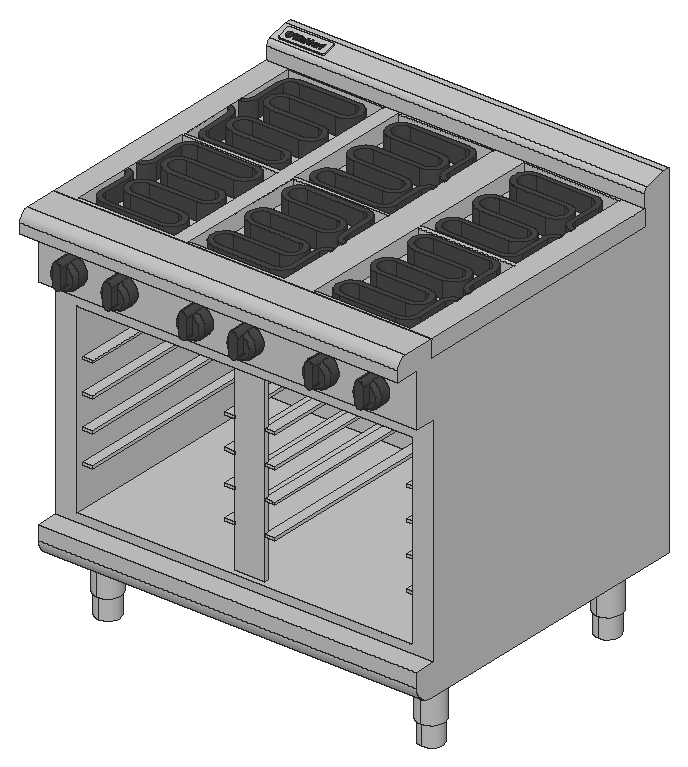
Revit family "QF_MOFFAT WALDORF_RNL8600E-CB", category Specialty Equipment, Revit 2012 (continued)
Automatic sketch dimensions
  Revolve 11 sketch curve to plane 6 "TOP" = 142.617 mm
  Revolve 11 sketch curve to Revolve 11 sketch curve = 5.849 mm
  Extrusion 12 sketch curve to plane 6 "TOP" = 142.373 mm
  plane 4 "RIGHT" to Extrusion 12 sketch curve = 100.0 mm
  Extrusion 12 sketch curve to Extrusion 12 sketch curve = 10.0 mm
  Extrusion 12 sketch curve to plane 6 "TOP" = 181.37 mm
  Revolve 13 sketch curve to plane 5 "FRONT" = 12.0 mm
  Revolve 13 sketch curve to Revolve 13 sketch curve = 0.0 mm  (x2)
  Revolve 13 sketch curve to Revolve 13 sketch curve = 11.0 mm
  Revolve 13 sketch curve to Revolve 13 sketch curve = 12.7 mm
  Revolve 13 sketch curve to Revolve 13 sketch curve = 23.0 mm
  Revolve 13 sketch curve to Revolve 13 sketch curve = 10.0 mm
  Revolve 13 sketch curve to plane 6 "TOP" = 137.0 mm
  Revolve 13 sketch curve to plane 6 "TOP" = 142.849 mm
  Revolve 13 sketch curve to plane 6 "TOP" = 164.5 mm
  Revolve 13 sketch curve to plane 6 "TOP" = 169.5 mm
  Extrusion 14 sketch curve to plane 6 "TOP" = 142.373 mm
  plane 4 "RIGHT" to Extrusion 14 sketch curve = 200.0 mm
  Extrusion 14 sketch curve to Extrusion 14 sketch curve = 10.0 mm
  Extrusion 14 sketch curve to plane 6 "TOP" = 181.373 mm
  Extrusion 1 to Split face 2 sketch curve = 5.177 mm
  Split face 2 sketch curve to Extrusion 1 = 9.153 mm
  Split face 2 sketch curve to Extrusion 1 = 204.563 mm
  Split face 2 sketch curve to Split face 2 sketch curve = 20.0 mm
  Extrusion 1 to Split face 3 sketch curve = 5.177 mm
  Split face 3 sketch curve to Extrusion 1 = 9.153 mm
  Split face 3 sketch curve to Extrusion 1 = 254.563 mm
  Split face 3 sketch curve to Split face 3 sketch curve = 20.0 mm
  Extrusion 1 to Split face 4 sketch curve = 5.177 mm
  Split face 4 sketch curve to Extrusion 1 = 9.153 mm
  Split face 4 sketch curve to Extrusion 1 = 304.563 mm
  Split face 4 sketch curve to Split face 4 sketch curve = 20.0 mm
  Extrusion 1 to Split face 5 sketch curve = 5.177 mm
  Split face 5 sketch curve to Extrusion 1 = 9.153 mm
  Split face 5 sketch curve to Extrusion 1 = 354.563 mm
  Split face 5 sketch curve to Split face 5 sketch curve = 20.0 mm
  Extrusion 1 to Split face 6 sketch curve = 5.177 mm
  Split face 6 sketch curve to Extrusion 1 = 9.153 mm
  Split face 6 sketch curve to Extrusion 1 = 404.563 mm
  Split face 6 sketch curve to Split face 6 sketch curve = 20.0 mm
  Extrusion 1 to Split face 7 sketch curve = 5.177 mm
  Split face 7 sketch curve to Extrusion 1 = 9.153 mm
  Split face 7 sketch curve to Extrusion 1 = 445.437 mm
  Split face 7 sketch curve to Split face 7 sketch curve = 20.0 mm
  Extrusion 1 to Split face 8 sketch curve = 5.177 mm
  Split face 8 sketch curve to Extrusion 1 = 9.153 mm
  Split face 8 sketch curve to Extrusion 1 = 395.437 mm
  Split face 8 sketch curve to Split face 8 sketch curve = 20.0 mm
  Extrusion 1 to Split face 9 sketch curve = 5.177 mm
  Split face 9 sketch curve to Extrusion 1 = 9.153 mm
  Split face 9 sketch curve to Extrusion 1 = 345.437 mm
  Split face 9 sketch curve to Split face 9 sketch curve = 20.0 mm
  Extrusion 1 to Split face 10 sketch curve = 5.177 mm
  Split face 10 sketch curve to Extrusion 1 = 9.153 mm
  Split face 10 sketch curve to Extrusion 1 = 295.437 mm
  Split face 10 sketch curve to Split face 10 sketch curve = 20.0 mm
  Extrusion 1 to Split face 11 sketch curve = 5.177 mm
  Split face 11 sketch curve to Extrusion 1 = 9.153 mm
  Split face 11 sketch curve to Extrusion 1 = 245.437 mm
  Split face 11 sketch curve to Split face 11 sketch curve = 20.0 mm
  Extrusion 1 to Split face 12 sketch curve = 5.177 mm
  Split face 12 sketch curve to Extrusion 1 = 9.153 mm
  Split face 12 sketch curve to Extrusion 1 = 195.437 mm
  Split face 12 sketch curve to Split face 12 sketch curve = 20.0 mm
  Extrusion 15 sketch curve to Extrusion 1 = 0.0 mm  (x2)
  Extrusion 1 to Extrusion 15 sketch curve = 0.0 mm
  Extrusion 15 sketch curve to Extrusion 1 = 6.75 mm  (x3)
  Extrusion 15 sketch curve to Extrusion 15 sketch curve = 306.95 mm
  Extrusion 1 to Extrusion 15 sketch curve = 54.0 mm  (x2)
  Extrusion 15 sketch curve to Extrusion 15 sketch curve = 0.0 mm  (x6)
  Extrusion 15 sketch curve to Extrusion 15 sketch curve = 7.6 mm  (x3)
  Extrusion 1 to Extrusion 15 sketch curve = 6.75 mm  (x3)
  Extrusion 1 to Extrusion 15 sketch curve = 1.0 mm
  Extrusion 15 sketch curve to Extrusion 15 sketch curve = 228.75 mm  (x3)
  Extrusion 15 sketch curve to Extrusion 15 sketch curve = 34.5 mm
  Extrusion 15 sketch curve to Extrusion 15 sketch curve = 71.25 mm  (x2)
  Extrusion 16 sketch curve to Extrusion 16 sketch curve = 0.0 mm  (x104)
  Extrusion 1 to Extrusion 16 sketch curve = 20.503 mm  (x3)
  Extrusion 16 sketch curve to Extrusion 16 sketch curve = 11.997 mm  (x6)
  Extrusion 16 sketch curve to Extrusion 16 sketch curve = 19.532 mm  (x6)
  Extrusion 16 sketch curve to Extrusion 16 sketch curve = 0.24 mm  (x6)
  Extrusion 16 sketch curve to Extrusion 16 sketch curve = 0.931 mm  (x10)
  Extrusion 16 sketch curve to Extrusion 16 sketch curve = 0.01 mm  (x6)
  Extrusion 16 sketch curve to Extrusion 16 sketch curve = 21.7 mm  (x30)
  Extrusion 16 sketch curve to Extrusion 16 sketch curve = 0.002 mm  (x6)
  Extrusion 16 sketch curve to Extrusion 16 sketch curve = 70.811 mm  (x6)
  Extrusion 16 sketch curve to Extrusion 16 sketch curve = 0.447 mm  (x6)
  Extrusion 16 sketch curve to Extrusion 16 sketch curve = 0.12 mm  (x6)
  Extrusion 16 sketch curve to Extrusion 16 sketch curve = 19.01 mm  (x6)
  Extrusion 16 sketch curve to Extrusion 16 sketch curve = 12.303 mm  (x6)
  Extrusion 16 sketch curve to Extrusion 16 sketch curve = 21.593 mm  (x6)
  Extrusion 16 sketch curve to Extrusion 16 sketch curve = 12.315 mm  (x6)
  Extrusion 16 sketch curve to Extrusion 16 sketch curve = 18.52 mm  (x6)
  Extrusion 16 sketch curve to Extrusion 16 sketch curve = 0.133 mm  (x6)
  Extrusion 16 sketch curve to Extrusion 16 sketch curve = 0.5 mm  (x2)
  Extrusion 16 sketch curve to Extrusion 16 sketch curve = 19.152 mm  (x4)
  Extrusion 16 sketch curve to Extrusion 16 sketch curve = 20.704 mm  (x8)
  Extrusion 16 sketch curve to Extrusion 16 sketch curve = 0.239 mm  (x6)
  Extrusion 16 sketch curve to Extrusion 16 sketch curve = 16.003 mm  (x3)
  Extrusion 1 to Extrusion 16 sketch curve = 48.333 mm  (x2)
  Extrusion 1 to Extrusion 16 sketch curve = 48.512 mm  (x2)
  Extrusion 16 sketch curve to Extrusion 16 sketch curve = 0.004 mm  (x2)
  Extrusion 16 sketch curve to Extrusion 16 sketch curve = 5.484 mm  (x2)
  Extrusion 16 sketch curve to Extrusion 16 sketch curve = 5.667 mm  (x2)
  Extrusion 16 sketch curve to Extrusion 16 sketch curve = 20.701 mm  (x4)
  Extrusion 16 sketch curve to Extrusion 16 sketch curve = 0.001 mm  (x6)
  Extrusion 16 sketch curve to Extrusion 16 sketch curve = 41.7 mm  (x2)
  Extrusion 16 sketch curve to Extrusion 16 sketch curve = 20.999 mm
  Extrusion 16 sketch curve to Extrusion 16 sketch curve = 112.6 mm  (x5)
  Extrusion 16 sketch curve to Extrusion 16 sketch curve = 130.8 mm  (x2)
  Extrusion 16 sketch curve to Extrusion 16 sketch curve = 19.862 mm  (x4)
  Extrusion 16 sketch curve to Extrusion 16 sketch curve = 0.032 mm  (x2)
  Extrusion 16 sketch curve to Extrusion 16 sketch curve = 19.894 mm  (x2)
  Extrusion 16 sketch curve to Extrusion 16 sketch curve = 0.226 mm  (x4)
  Extrusion 16 sketch curve to Extrusion 16 sketch curve = 0.258 mm  (x4)
  Extrusion 16 sketch curve to Extrusion 16 sketch curve = 0.879 mm  (x8)
  Extrusion 16 sketch curve to Extrusion 16 sketch curve = 14.293 mm
  Extrusion 16 sketch curve to Extrusion 16 sketch curve = 133.7 mm
  Extrusion 16 sketch curve to Extrusion 16 sketch curve = 133.693 mm  (x2)
  Extrusion 1 sketch curve to plane 5 "FRONT" = 0.0 mm
  Extrusion 1 sketch curve to plane 10 = 0.0 mm
  Extrusion 1 sketch curve to plane 6 "TOP" = 0.0 mm
  Extrusion 1 sketch curve to plane 1 "BACK" = 0.0 mm
  Extrusion 1 sketch curve to plane 5 "FRONT" = 24.0 mm
  Extrusion 1 sketch curve to plane 5 "FRONT" = 56.0 mm  (x2)
  Extrusion 1 sketch curve to Extrusion 1 sketch curve = 44.0 mm
  plane 1 "BACK" to Extrusion 1 sketch curve = 70.0 mm
  Extrusion 1 sketch curve to plane 6 "TOP" = 12.354 mm
  Extrusion 1 sketch curve to Extrusion 1 sketch curve = 8.894 mm
  Extrusion 1 sketch curve to Extrusion 1 sketch curve = 12.0 mm
  Extrusion 1 sketch curve to Extrusion 1 sketch curve = 15.0 mm
  Extrusion 1 sketch curve to plane 10 = 40.0 mm
  Extrusion 1 sketch curve to Extrusion 1 sketch curve = 25.0 mm
  Extrusion 1 sketch curve to Extrusion 1 sketch curve = 126.0 mm
  Extrusion 1 sketch curve to Extrusion 1 sketch curve = 38.0 mm
  Extrusion 1 sketch curve to Extrusion 1 sketch curve = 34.5 mm
  Revolve 17 sketch curve to plane 9 "Base Height" = 0.0 mm
  Revolve 17 sketch curve to level = 0.0 mm
  level to Revolve 17 sketch curve = 50.0 mm
  plane 1 "BACK" to Revolve 17 sketch curve = 131.75 mm
  Revolve 17 sketch curve to Revolve 17 sketch curve = 4.25 mm
  Revolve 17 sketch curve to Revolve 17 sketch curve = 27.5 mm  (x2)
  Revolve 17 sketch curve to Revolve 17 sketch curve = 55.0 mm
  Revolve 17 sketch curve to Revolve 17 sketch curve = 0.0 mm
  Revolve 18 sketch curve to plane 9 "Base Height" = 0.0 mm
  Revolve 18 sketch curve to level = 0.0 mm
  level to Revolve 18 sketch curve = 50.0 mm
  Revolve 18 sketch curve to plane 5 "FRONT" = 148.25 mm
  Revolve 18 sketch curve to Revolve 18 sketch curve = 4.25 mm
  Revolve 18 sketch curve to Revolve 18 sketch curve = 27.5 mm  (x2)
  Revolve 18 sketch curve to Revolve 18 sketch curve = 55.0 mm
  Revolve 18 sketch curve to Revolve 18 sketch curve = 0.0 mm
  Revolve 19 sketch curve to plane 9 "Base Height" = 0.0 mm
  Revolve 19 sketch curve to level = 0.0 mm
  level to Revolve 19 sketch curve = 50.0 mm
  plane 1 "BACK" to Revolve 19 sketch curve = 131.75 mm
  Revolve 19 sketch curve to Revolve 19 sketch curve = 4.25 mm
  Revolve 19 sketch curve to Revolve 19 sketch curve = 27.5 mm  (x2)
  Revolve 19 sketch curve to Revolve 19 sketch curve = 0.0 mm
  Revolve 19 sketch curve to Revolve 19 sketch curve = 55.0 mm
  Revolve 20 sketch curve to plane 9 "Base Height" = 0.0 mm
  Revolve 20 sketch curve to level = 0.0 mm
  level to Revolve 20 sketch curve = 50.0 mm
  Revolve 20 sketch curve to plane 5 "FRONT" = 148.25 mm
  Revolve 20 sketch curve to Revolve 20 sketch curve = 4.25 mm
  Revolve 20 sketch curve to Revolve 20 sketch curve = 27.5 mm  (x2)
  Revolve 20 sketch curve to Revolve 20 sketch curve = 0.0 mm
  Revolve 20 sketch curve to Revolve 20 sketch curve = 55.0 mm
  plane 1 "BACK" to Extrusion 1 sketch curve = 130.5 mm
  Extrusion 1 sketch curve to plane 9 "Base Height" = 0.0 mm
  Extrusion 1 to Extrusion 21 sketch curve = 900.0 mm
  Extrusion 21 sketch curve to Extrusion 1 = 0.0 mm  (x2)
  Extrusion 1 to Extrusion 21 sketch curve = 20.0 mm
  Extrusion 1 to Extrusion 21 sketch curve = 850.0 mm
  Extrusion 21 sketch curve to Extrusion 21 sketch curve = 800.0 mm
  Extrusion 21 sketch curve to Extrusion 21 sketch curve = 50.0 mm
  Extrusion 1 to Extrusion 21 sketch curve = 55.0 mm
  plane 4 "RIGHT" to Extrusion 22 sketch curve = 75.503 mm
  Extrusion 22 sketch curve to Extrusion 22 sketch curve = 81.0 mm
  Extrusion 22 sketch curve to Extrusion 22 sketch curve = 48.5 mm  (x2)
  Extrusion 22 sketch curve to plane 1 "BACK" = 30.24 mm
  plane 1 "BACK" to Extrusion 22 sketch curve = 38.76 mm
  Extrusion 1 to Extrusion 24 sketch curve = 116.25 mm  (x3)
  Extrusion 24 sketch curve to Extrusion 24 sketch curve = 0.0 mm  (x6)
  Extrusion 1 to Extrusion 24 sketch curve = 50.0 mm  (x4)
  Extrusion 24 sketch curve to Extrusion 24 sketch curve = 6.35 mm  (x16)
  Extrusion 24 sketch curve to Extrusion 24 sketch curve = 68.65 mm  (x12)
  Extrusion 24 sketch curve to Extrusion 24 sketch curve = 25.0 mm  (x16)
  Extrusion 24 sketch curve to Extrusion 24 sketch curve = 314.5 mm
  Extrusion 24 sketch curve to Extrusion 24 sketch curve = 71.0 mm  (x4)
  Extrusion 1 to Extrusion 24 sketch curve = 75.0 mm  (x2)
  Extrusion 1 to Extrusion 23 sketch curve = 20.0 mm
  Extrusion 1 to Extrusion 23 sketch curve = 55.0 mm
  Extrusion 1 to Extrusion 23 sketch curve = 414.5 mm
  Extrusion 23 sketch curve to Extrusion 23 sketch curve = 71.0 mm
  radius of Extrusion 4 sketch curve = 13.5 mm
  radius of Extrusion 25 sketch curve = 6.35 mm
Nested families
  nested 1: "WALDORF LOGO" at (12.5, -36.099, 947.717), visible <- "Show Logo", type "WALDORF LOGO", detail levels medium+fine
    with Type Mark "", Status "", Specification by User "", Show Logo yes, Revision Code "", Item Number "", Installed By "", Identify Quantity as Lot yes, Furnished By "", Foodservice Equipment Identifier yes
  nested 2: "RNL8600E-CB-CASTERS" at (65, -100, 0), Show Casters <- "Show Casters", visible <- "Show Casters", type "RNL8600E-CB-CASTERS"
    with Type Mark "", Status "", Specification by User "", Show Casters no, Revision Code "", Item Number "", Installed By "", Identify Quantity as Lot yes, Furnished By "", Foodservice Equipment Identifier yes
  nested 3: "RNL8600E-CB-CASTERS" at (835, -100, 0), Show Casters <- "Show Casters", visible <- "Show Casters", type "RNL8600E-CB-CASTERS"
    with Type Mark "", Status "", Specification by User "", Show Casters no, Revision Code "", Item Number "", Installed By "", Identify Quantity as Lot yes, Furnished By "", Foodservice Equipment Identifier yes
Connectors
  electrical at (756.276, -38.687, 708.4), driven by "Volts", driven by "Watts"
    settings: on Extrusion 25, index 1, voltage 415 V, apparent load 14400 VA, apparent load phase1 0 VA, apparent load phase2 0 VA, apparent load phase3 0 VA, power factor 1, load classification "Other", number of poles 1, system type 30, power factor state 1, is connector primary yes, connector utility no, sub classification motor no, connector description "ELECTRICAL CONNECTION"
Definition of nested family "WALDORF LOGO"
  Parameters (values of type "WALDORF LOGO")
    Weight in Pounds = 0
    URL Cutsheet = ""
    Type Mark [instance] = ""
    Status [instance] = ""
    Specification by User [instance] = ""
    Specification by Manufacturer = ""
    Show Logo [instance] = yes
    Serial Number = ""
    Seismic Rating = ""
    SMACNA No = ""
    Revision Code [instance] = ""
    Omniclass Number and Title = ""
    NAFEM Spec ID Number = ""
    Masterspec = ""
    Item Number [instance] = ""
    Installed By [instance] = ""
    Identify Quantity as Lot [instance] = yes
    Furnished By [instance] = ""
    Foodservice Equipment Identifier [instance] = yes
    CSI MasterFormat = ""
    CSI Master Format = ""
  Reference planes
    plane 1 "BACK": y = 0
    plane 2: z = 0
    plane 3 "LEFT": x = 0
    plane 4 "RIGHT": x = 109
    plane 5 "FRONT": y = -1.588
    plane 6 "TOP": z = 34.14
    plane 7 "Center Y": x = 54.5
    plane 8 "Center X": y = -0.794
  Forms (mm)
    Extrusion 1, solid, material "QF_Finishes_Stainless Steel", visible <- "Show Logo"
      sketch origin (0, -17.078, 11.729) x (1, 0, 0) y (0, 0.964546, 0.263916)
        loop
          arc (5, 34.14) -> (1.464, 32.676) -> (0, 29.14) r 5
          line (0, 29.14) -> (0, 5)
          arc (0, 5) -> (1.464, 1.464) -> (5, 0) r 5
          line (5, 0) -> (104, 0)
          arc (104, 0) -> (107.536, 1.464) -> (109, 5) r 5
          line (109, 5) -> (109, 29.14)
          arc (109, 29.14) -> (107.536, 32.676) -> (104, 34.14) r 5
          line (104, 34.14) -> (5, 34.14)
      from 0 to 1.588
    Extrusion 2, solid, material "QF_Finishes_Black", visible <- "Show Logo"
      sketch origin (0, -17.497, 13.26) x (1, 0, 0) y (0, 0.964546, 0.263916)
        loop
          line (24.772, 23.214) -> (27.992, 10.301) -> (31.551, 10.301) -> (33.443, 17.364) -> (35.205, 10.301) -> (39.332, 10.301) -> (42.077, 23.214) -> (38.352, 23.214) -> (36.676, 15.33) -> (35, 23.214) -> (31.752, 23.214) -> (30.076, 15.33) -> (28.4, 23.214) -> (24.772, 23.214)
        loop
          line (42.272, 17.055) -> (45.703, 17.055)
          spline (45.703, 17.055) -> (45.741, 17.285) -> (45.852, 17.499) -> (46.028, 17.682) -> (46.258, 17.823) -> (46.526, 17.912) -> (46.813, 17.942) -> (47.1, 17.912) -> (47.368, 17.823) -> (47.597, 17.682) -> (47.774, 17.499) -> (47.884, 17.285) -> (47.922, 17.055)
          line (47.922, 17.055) -> (47.922, 16.222)
          arc (47.922, 16.222) -> (45.742, 16.014) -> (43.665, 15.317) r 9.604
          arc (43.665, 15.317) -> (41.924, 12.809) -> (43.665, 10.301) r 2.677
          arc (43.665, 10.301) -> (45.527, 10.353) -> (47.332, 10.816) r 8.365
          line (47.332, 10.816) -> (48.092, 11.105) -> (48.092, 10.301) -> (51.817, 10.301) -> (51.817, 17.055)
          spline (51.817, 17.055) -> (51.654, 17.821) -> (51.178, 18.535) -> (50.419, 19.148) -> (49.431, 19.619) -> (48.28, 19.914) -> (47.044, 20.015) -> (45.809, 19.914) -> (44.658, 19.619) -> (43.67, 19.148) -> (42.911, 18.535) -> (42.434, 17.821) -> (42.272, 17.055)
        loop
          line (53.151, 23.214) -> (53.151, 10.301) -> (57.37, 10.301) -> (57.37, 23.214) -> (53.151, 23.214)
        loop
          line (64.874, 23.214) -> (64.874, 18.857)
          arc (64.874, 18.857) -> (58.083, 15.11) -> (64.874, 11.363) r 4.429
          line (64.874, 11.363) -> (64.874, 10.301) -> (68.378, 10.301) -> (68.378, 23.214) -> (64.874, 23.214)
        loop
          arc (64.874, 16.083) -> (61.41, 14.987) -> (64.874, 13.891) r 1.905
          line (64.874, 13.891) -> (64.874, 16.083)
        loop
          circle (74.623, 15.223) r 5
        loop
          spline (74.623, 17.856) -> (74.355, 17.766) -> (74.105, 17.503) -> (73.891, 17.084) -> (73.726, 16.539) -> (73.623, 15.904) -> (73.588, 15.223) -> (73.623, 14.541) -> (73.726, 13.906) -> (73.891, 13.361) -> (74.105, 12.942) -> (74.355, 12.679) -> (74.623, 12.59)
          spline (74.623, 12.59) -> (74.891, 12.679) -> (75.141, 12.942) -> (75.355, 13.361) -> (75.52, 13.906) -> (75.623, 14.541) -> (75.659, 15.223) -> (75.623, 15.904) -> (75.52, 16.539) -> (75.355, 17.084) -> (75.141, 17.503) -> (74.891, 17.766) -> (74.623, 17.856)
        loop
          line (81.255, 19.813) -> (81.255, 10.301) -> (84.834, 10.301) -> (84.834, 14.176)
          arc (84.834, 14.176) -> (85.854, 16.093) -> (88.013, 16.32) r 2.313
          line (88.013, 16.32) -> (88.013, 19.813) -> (87.161, 19.813)
          arc (87.161, 19.813) -> (85.526, 19.266) -> (84.549, 17.844) r 2.717
          line (84.549, 17.844) -> (84.549, 19.813) -> (81.255, 19.813)
        loop
          line (90.249, 19.813) -> (88.91, 19.813) -> (88.91, 17.614) -> (90.249, 17.614) -> (90.249, 10.301) -> (93.998, 10.301) -> (93.998, 17.614) -> (95.418, 17.614) -> (95.418, 19.813) -> (93.998, 19.813)
          arc (93.998, 19.813) -> (94.414, 20.817) -> (95.418, 21.233) r 1.42
          line (95.418, 21.233) -> (95.418, 23.602) -> (93.317, 23.602)
          arc (93.317, 23.602) -> (91.343, 22.903) -> (90.249, 21.118) r 3.137
          line (90.249, 21.118) -> (90.249, 19.813)
        loop
          arc (15.241, 23.571) -> (8.392, 16.525) -> (15.241, 9.479) r 7.049
          line (15.241, 9.479) -> (15.241, 23.571)
        loop
          line (15.641, 23.571) -> (15.641, 9.479)
          arc (15.641, 9.479) -> (22.49, 16.525) -> (15.641, 23.571) r 7.049
        loop
          arc (47.922, 14.711) -> (46.266, 13.749) -> (47.922, 12.787) r 1.107
          line (47.922, 12.787) -> (47.922, 14.711)
      from 0 to 0.2
  Dimensions and locks
    equal spacing: plane 3 "LEFT", plane 7 "Center Y", plane 4 "RIGHT"
    plane 3 "LEFT" to plane 4 "RIGHT" = 109.0 mm
    equal spacing: plane 5 "FRONT", plane 8 "Center X", plane 1 "BACK"
    plane 5 "FRONT" to plane 1 "BACK" = 1.588 mm
    aligned and locked: level to plane 2
  Automatic sketch dimensions
    Extrusion 1 sketch curve to plane 3 "LEFT" = 0.0 mm
    Extrusion 1 sketch curve to plane 4 "RIGHT" = 0.0 mm
    plane 3 "LEFT" to Extrusion 1 sketch curve = 5.0 mm  (x2)
    plane 4 "RIGHT" to Extrusion 1 sketch curve = 5.0 mm
    Extrusion 1 sketch curve to Extrusion 1 sketch curve = 5.0 mm
    Extrusion 1 sketch curve to Extrusion 1 sketch curve = 24.14 mm
    Extrusion 2 sketch curve to Extrusion 2 sketch curve = 0.0 mm  (x14)
    Extrusion 2 sketch curve to Extrusion 1 = 15.241 mm
    Extrusion 2 sketch curve to Extrusion 2 sketch curve = 0.2 mm
    Extrusion 2 sketch curve to Extrusion 2 sketch curve = 0.4 mm
    Extrusion 2 sketch curve to Extrusion 2 sketch curve = 9.131 mm
    Extrusion 2 sketch curve to Extrusion 1 = 10.301 mm  (x2)
    Extrusion 2 sketch curve to Extrusion 2 sketch curve = 12.351 mm
    Extrusion 2 sketch curve to Extrusion 2 sketch curve = 3.628 mm
    Extrusion 2 sketch curve to Extrusion 2 sketch curve = 2.084 mm
    Extrusion 2 sketch curve to Extrusion 2 sketch curve = 3.559 mm
    Extrusion 2 sketch curve to Extrusion 1 = 10.926 mm  (x2)
    Extrusion 2 sketch curve to Extrusion 2 sketch curve = 3.352 mm  (x2)
    Extrusion 2 sketch curve to Extrusion 2 sketch curve = 3.367 mm
    Extrusion 2 sketch curve to Extrusion 2 sketch curve = 3.249 mm
    Extrusion 2 sketch curve to Extrusion 2 sketch curve = 3.654 mm
    Extrusion 2 sketch curve to Extrusion 1 = 15.33 mm
    Extrusion 2 sketch curve to Extrusion 2 sketch curve = 3.233 mm
    Extrusion 2 sketch curve to Extrusion 2 sketch curve = 4.128 mm
    Extrusion 2 sketch curve to Extrusion 2 sketch curve = 3.725 mm
    Extrusion 2 sketch curve to Extrusion 2 sketch curve = 5.596 mm
    Extrusion 2 sketch curve to Extrusion 2 sketch curve = 4.333 mm
    Extrusion 2 sketch curve to Extrusion 2 sketch curve = 1.394 mm
    Extrusion 2 sketch curve to Extrusion 2 sketch curve = 2.092 mm
    Extrusion 2 sketch curve to Extrusion 2 sketch curve = 0.936 mm
    Extrusion 2 sketch curve to Extrusion 2 sketch curve = 1.34 mm
    Extrusion 2 sketch curve to Extrusion 2 sketch curve = 1.109 mm
    Extrusion 2 sketch curve to Extrusion 2 sketch curve = 0.232 mm
    Extrusion 2 sketch curve to Extrusion 2 sketch curve = 2.731 mm
    Extrusion 2 sketch curve to Extrusion 2 sketch curve = 0.549 mm  (x2)
    Extrusion 2 sketch curve to Extrusion 2 sketch curve = 0.407 mm
    Extrusion 2 sketch curve to Extrusion 2 sketch curve = 0.76 mm
    Extrusion 2 sketch curve to Extrusion 2 sketch curve = 1.334 mm
    Extrusion 2 sketch curve to Extrusion 2 sketch curve = 4.219 mm
    Extrusion 2 sketch curve to Extrusion 2 sketch curve = 5.142 mm
    Extrusion 2 sketch curve to Extrusion 2 sketch curve = 0.803 mm
    Extrusion 2 sketch curve to Extrusion 2 sketch curve = 1.558 mm
    Extrusion 2 sketch curve to Extrusion 2 sketch curve = 3.504 mm
    Extrusion 2 sketch curve to Extrusion 2 sketch curve = 6.245 mm
    Extrusion 2 sketch curve to Extrusion 2 sketch curve = 6.632 mm
    Extrusion 2 sketch curve to Extrusion 2 sketch curve = 3.294 mm
    Extrusion 2 sketch curve to Extrusion 2 sketch curve = 3.579 mm
    Extrusion 2 sketch curve to Extrusion 2 sketch curve = 2.313 mm
    Extrusion 2 sketch curve to Extrusion 2 sketch curve = 2.612 mm
    Extrusion 2 sketch curve to Extrusion 2 sketch curve = 0.852 mm
    Extrusion 2 sketch curve to Extrusion 2 sketch curve = 0.897 mm
    Extrusion 2 sketch curve to Extrusion 2 sketch curve = 3.102 mm
    Extrusion 2 sketch curve to Extrusion 2 sketch curve = 1.338 mm
    Extrusion 2 sketch curve to Extrusion 2 sketch curve = 3.068 mm
    Extrusion 2 sketch curve to Extrusion 2 sketch curve = 0.681 mm
    Extrusion 2 sketch curve to Extrusion 2 sketch curve = 3.749 mm
    Extrusion 2 sketch curve to Extrusion 2 sketch curve = 1.42 mm
    Extrusion 2 sketch curve to Extrusion 2 sketch curve = 5.029 mm  (x2)
    Extrusion 2 sketch curve to Extrusion 1 = 9.479 mm
    Extrusion 2 sketch curve to Extrusion 2 sketch curve = 3.681 mm
    Extrusion 2 sketch curve to Extrusion 2 sketch curve = 0.515 mm
    Extrusion 2 sketch curve to Extrusion 2 sketch curve = 0.804 mm
    Extrusion 2 sketch curve to Extrusion 2 sketch curve = 1.062 mm
    Extrusion 2 sketch curve to Extrusion 2 sketch curve = 1.682 mm
    Extrusion 2 sketch curve to Extrusion 2 sketch curve = 2.508 mm
    Extrusion 2 sketch curve to Extrusion 2 sketch curve = 0.962 mm
    Extrusion 2 sketch curve to Extrusion 2 sketch curve = 2.528 mm
    Extrusion 2 sketch curve to Extrusion 2 sketch curve = 3.875 mm
    Extrusion 2 sketch curve to Extrusion 2 sketch curve = 1.096 mm
    Extrusion 2 sketch curve to Extrusion 2 sketch curve = 0.123 mm
    Extrusion 2 sketch curve to Extrusion 2 sketch curve = 4.922 mm
    Extrusion 2 sketch curve to Extrusion 2 sketch curve = 7.046 mm
    Extrusion 2 sketch curve to Extrusion 2 sketch curve = 0.833 mm
    Extrusion 2 sketch curve to Extrusion 2 sketch curve = 0.776 mm
    Extrusion 2 sketch curve to Extrusion 2 sketch curve = 2.034 mm
    Extrusion 2 sketch curve to Extrusion 2 sketch curve = 7.314 mm
    Extrusion 2 sketch curve to Extrusion 2 sketch curve = 1.295 mm
    Extrusion 2 sketch curve to Extrusion 2 sketch curve = 0.749 mm
    Extrusion 2 sketch curve to Extrusion 2 sketch curve = 2.633 mm
    Extrusion 2 sketch curve to Extrusion 2 sketch curve = 2.198 mm  (x2)
    Extrusion 2 sketch curve to Extrusion 2 sketch curve = 1.968 mm
    Extrusion 2 sketch curve to Extrusion 2 sketch curve = 0.653 mm
    Extrusion 2 sketch curve to Extrusion 2 sketch curve = 1.305 mm
    Extrusion 2 sketch curve to Extrusion 2 sketch curve = 4.357 mm
    Extrusion 2 sketch curve to Extrusion 2 sketch curve = 6.159 mm
    radius of Extrusion 2 sketch curve = 5.0 mm
Definition of nested family "RNL8600E-CB-CASTERS"
  Parameters (values of type "BTL8450-CB-CASTERS")
    Weight = ""
    URL Manufacturer = ""
    URL Cutsheet = ""
    URL = ""
    Type Mark [instance] = ""
    Status [instance] = ""
    Specification by User [instance] = ""
    Specification by Manufacturer = ""
    Show Casters [instance] = no
    Serial Number = ""
    Seismic Rating = ""
    SMACNA No = ""
    Revision Code [instance] = ""
    Omniclass Number and Title = ""
    NAFEM Spec ID Number = ""
    Model = ""
    MasterSpec. = ""
    Manufacturer = ""
    Item Number [instance] = ""
    Installed By [instance] = ""
    Identify Quantity as Lot [instance] = yes
    Furnished By [instance] = ""
    Foodservice Equipment Identifier [instance] = yes
    Description = ""
    CSI MasterFormat = ""
    CSI Master Format = ""
    Assembly Code = ""
  Reference planes
    plane 1: z = 0
    plane 2 "RIGHT": x = 0
    plane 3 "FRONT": y = 0
    plane 4 "TOP": z = 177.8
  Forms (mm)
    Revolve 1, solid, material "QF_Finishes_Stainless Steel", visible <- "Show Casters"
      sketch origin (0, 56.335, 0) x (0, 1, 0) y (0, 0, 1)
        loop
          line (-56.335, 152.4) -> (-56.335, 141.118) -> (-23.798, 141.118) -> (-23.798, 152.4) -> (-56.335, 152.4)
        axis (-56.335, 141.118) -> (-56.335, 152.4)
      angle from 0 to 360
    Extrusion 2, solid, material "QF_Finishes_Stainless Steel", visible <- "Show Casters"
      sketch origin (-46.049, 56.335, 0) x (0, 1, 0) y (0, 0, 1)
        loop
          line (-85.799, 141.118) -> (-85.799, 133.498) -> (-82.136, 133.498)
          arc (-82.136, 133.498) -> (-79.344, 132.328) -> (-77.146, 130.248) r 8.432
          line (-77.146, 130.248) -> (-39.502, 49.52)
          arc (-39.502, 49.52) -> (-13.784, 46.107) -> (-5.673, 70.75) r 20.32
          arc (-5.673, 70.75) -> (-7.065, 73.611) -> (-8.887, 76.22) r 20.32
          arc (-8.887, 76.22) -> (-9.399, 85.377) -> (-6.626, 94.119) r 25.4
          line (-6.626, 94.119) -> (8.003, 121.632)
          arc (8.003, 121.632) -> (-2.347, 126.31) -> (-13.34, 129.167) r 66.802
          line (-13.34, 129.167) -> (-13.765, 133.498) -> (-26.871, 133.498) -> (-26.871, 141.118) -> (-85.799, 141.118)
      from 20.058 to 22.923
    Extrusion 3, solid, material "QF_Finishes_Stainless Steel", visible <- "Show Casters"
      sketch origin (3.326, 56.335, 0) x (0, 1, 0) y (0, 0, 1)
        loop
          line (-85.799, 141.118) -> (-85.799, 133.498) -> (-82.136, 133.498)
          arc (-82.136, 133.498) -> (-79.344, 132.328) -> (-77.146, 130.248) r 8.432
          line (-77.146, 130.248) -> (-39.502, 49.52)
          arc (-39.502, 49.52) -> (-13.784, 46.107) -> (-5.673, 70.75) r 20.32
          arc (-5.673, 70.75) -> (-7.065, 73.611) -> (-8.887, 76.22) r 20.32
          arc (-8.887, 76.22) -> (-9.399, 85.377) -> (-6.626, 94.119) r 25.4
          line (-6.626, 94.119) -> (8.003, 121.632)
          arc (8.003, 121.632) -> (-2.347, 126.31) -> (-13.34, 129.167) r 66.802
          line (-13.34, 129.167) -> (-13.765, 133.498) -> (-26.871, 133.498) -> (-26.871, 141.118) -> (-85.799, 141.118)
      from 20.058 to 22.923
    Extrusion 4, solid, material "QF_Finishes_Stainless Steel", visible <- "Show Casters"
      sketch origin (-49.224, 56.335, 0) x (0, 1, 0) y (0, 0, 1)
        loop
          line (-85.799, 141.118) -> (-85.799, 133.498) -> (-82.136, 133.498) -> (-18.877, 127.964) -> (7.14, 120.01) -> (8.003, 121.632)
          arc (8.003, 121.632) -> (-2.347, 126.31) -> (-13.34, 129.167) r 66.802
          line (-13.34, 129.167) -> (-13.765, 133.498) -> (-26.871, 133.498) -> (-26.871, 141.118) -> (-85.799, 141.118)
      from 26.098 to 72.56
    Revolve 5, solid, material "QF_Finishes_Stainless Steel", visible <- "Show Casters"
      sketch origin (-49.224, 30.821, 0) x (1, 0, 0) y (0, 0, 1)
        loop
          line (14.841, 63.604) -> (83.584, 63.604) -> (83.584, 67.109) -> (82.314, 68.379) -> (80.79, 68.379) -> (80.79, 71.826) -> (68.644, 71.826) -> (68.644, 81.79) -> (65.088, 83.843) -> (61.683, 104.879) -> (65.881, 104.879) -> (65.881, 111.229) -> (65.088, 111.229) -> (65.088, 117.579)
          arc (65.088, 117.579) -> (62.298, 124.314) -> (55.563, 127.104) r 9.525
          line (55.563, 127.104) -> (42.863, 127.104)
          arc (42.863, 127.104) -> (36.127, 124.314) -> (33.338, 117.579) r 9.525
          line (33.338, 117.579) -> (33.338, 111.229) -> (32.544, 111.229) -> (32.544, 104.879) -> (36.742, 104.879) -> (33.352, 83.932) -> (29.782, 81.871) -> (29.782, 71.826) -> (17.635, 71.826) -> (17.635, 68.379) -> (16.111, 68.379) -> (14.841, 67.109) -> (14.841, 63.604)
        axis (14.841, 63.604) -> (83.584, 63.604)
      angle from 0 to 360
  Cuts and joins
    joined: Extrusion 2, Extrusion 3, Extrusion 4
  Lines and regions (mm)
    symbolic lines, style "SpecialityEquipmentHiddenLines", visible <- "Show Casters"
      curve 1: line (18.009, 67.053, 0) -> (45.595, 51.127, 0)
      curve 2: line (-45.491, -42.932, 0) -> (18.009, 67.053, 0)
      curve 3: line (-17.905, -58.859, 0) -> (-45.491, -42.932, 0)
      curve 4: line (45.595, 51.127, 0) -> (-17.905, -58.859, 0)
  Dimensions and locks
    plane 4 "TOP" to level = 177.8 mm  (x2)
    Revolve 5 sketch curve to Revolve 5 sketch curve = 63.5 mm
    aligned and locked: level to plane 1
